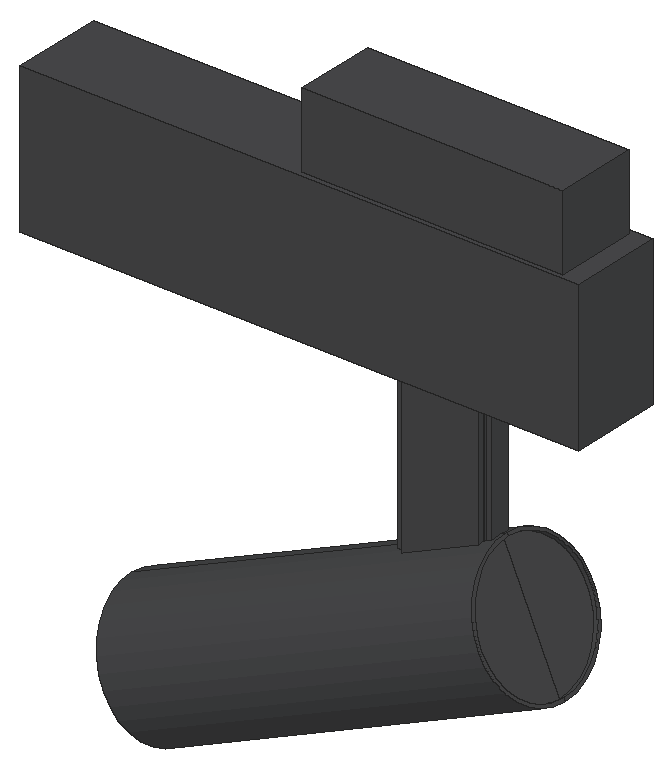
Revit family "DTM15U.1", category Luminarias, Revit 2019
Family settings
  Cota de conector redondo = Diámetro de uso
  Tipo de pieza = Normal
  Se basa en plano de trabajo = Sí
  Siempre vertical = Sí
  Corte con vacíos al cargar = No
  Origen de luz = Sí
  Compartido = No
  Punto de cálculo de habitación = No
Parameters (values of type "SPOT RIEL_DTM15U.1.36")
  Ángulo de inclinación = 60.00°
  Ángulo de enfoque = 36.00°
  Ángulo de campo de foco = 36.00°
  Zone [instance] = ""
  Watt per fixture = 13.8
  Wattage = 13.8 W
  built-in parameter 1150107 = 2700 (stored number, unit not read)
  built-in parameter 1150110 = 1 (stored number, unit not read)
  built-in parameter 1150109 = 1 (stored number, unit not read)
  built-in parameter 1150112 = 1 (stored number, unit not read)
  built-in parameter 1150113 = 1 (stored number, unit not read)
  built-in parameter 1114218 = 1 (stored number, unit not read)
  Keynote = ""
  built-in parameter 1150137 = (empty or 0)
  built-in parameter 1150132 = (empty or 0)
  Modelo = "DTM15U.1.36"
  Lámpara = "CITIZEN"
  Light Source Symbol Length = 3048 mm
  built-in parameter 1150105 = 433.41 (stored number, unit not read)
  built-in parameter 1150102 = (empty or 0)
  built-in parameter 1150106 = 4.3341 (stored number, unit not read)
  Lumens = 1021.2 lm
  Color Filter = 16777215
  built-in parameter 1114217 = 1 (stored number, unit not read)
  built-in parameter 1150139 = (empty or 0)
  Fabricante = "BRILLANT"
  Default Elevation = 1219.2 mm
  built-in parameter 1150104 = 6.8748 (stored number, unit not read)
  Descripción = "LUMINARIA DIRIGIBLE TIPO PUNTUAL DE UN CABEZAL COMPATIBLE CON RIEL DE 6 ENTRADAS Y 3 CIRCUITOS, CUERPO DE ALUMINIO ACABADO EN COLOR NEGRO, IP 20, PESO 0.84Kg, TIPO DE LED CITIZEN CON 13.8W TOTAL, 1024 LUMENES, 74LM/W, IRC 90, TEMPERATURA EN BLANCO CALIDO 2700K, 50 MIL HORAS DE VIDA PROMEDIO, APERTURA DE 36 GRADOS POR PROYECTO, ALIMENTADO A 90-277V/50-60Hz"
  built-in parameter 1150115 = 1 (stored number, unit not read)
  built-in parameter 1150114 = 1 (stored number, unit not read)
  Comentarios de vataje = "90-277V"
  built-in parameter 1150138 = (empty or 0)
  built-in parameter 1150134 = (empty or 0)
  Circuit [instance] = ""
  Dimming Lamp Color Temperature Shift = (empty or 0)
  Longitud de símbolo de origen de luz = 3048 mm
Types (3, lengths in mm): name | Ángulo de enfoque | Ángulo de campo de foco | Modelo | Descripción
  SPOT RIEL_DTM15U.1.24 | 24.00° | 24.00° | "DTM15U.1.24" | "LUMINARIA DIRIGIBLE TIPO PUNTUAL DE UN CABEZAL COMPATIBLE CON RIEL DE 6 ENTRADAS Y 3 CIRCUITOS, CUERPO DE ALUMINIO ACABADO EN COLOR NEGRO, IP 20, PESO 0.84Kg, TIPO DE LED CITIZEN CON 13.8W TOTAL, 1024 LUMENES, 74LM/W, IRC 90, TEMPERATURA EN BLANCO CALIDO 2700K, 50 MIL HORAS DE VIDA PROMEDIO, APERTURA DE 24 GRADOS EN STOCK, ALIMENTADO A 90-277V/50-60Hz"
  SPOT RIEL_DTM15U.1.16 | 16.00° | 16.00° | "DTM15U.1.16" | "LUMINARIA DIRIGIBLE TIPO PUNTUAL DE UN CABEZAL COMPATIBLE CON RIEL DE 6 ENTRADAS Y 3 CIRCUITOS, CUERPO DE ALUMINIO ACABADO EN COLOR NEGRO, IP 20, PESO 0.84Kg, TIPO DE LED CITIZEN CON 13.8W TOTAL, 1024 LUMENES, 74LM/W, IRC 90, TEMPERATURA EN BLANCO CALIDO 2700K, 50 MIL HORAS DE VIDA PROMEDIO, APERTURA DE 16 GRADOS POR PROYECTO, ALIMENTADO A 90-277V/50-60Hz"
  SPOT RIEL_DTM15U.1.36 | 36.00° | 36.00° | "DTM15U.1.36" | "LUMINARIA DIRIGIBLE TIPO PUNTUAL DE UN CABEZAL COMPATIBLE CON RIEL DE 6 ENTRADAS Y 3 CIRCUITOS, CUERPO DE ALUMINIO ACABADO EN COLOR NEGRO, IP 20, PESO 0.84Kg, TIPO DE LED CITIZEN CON 13.8W TOTAL, 1024 LUMENES, 74LM/W, IRC 90, TEMPERATURA EN BLANCO CALIDO 2700K, 50 MIL HORAS DE VIDA PROMEDIO, APERTURA DE 36 GRADOS POR PROYECTO, ALIMENTADO A 90-277V/50-60Hz"
Reference planes
  plane 1 "Centro (Frontal/Posterior)": y = 0
  plane 2: z = 0
  plane 3 "Centro (Izquierda/Derecha)": x = 0
Forms (mm)
  Extrusion 1, solid, material "Default Form"
    sketch origin (0, 0, 0) x (1, 0, 0) y (0, 0, 1)
      loop
        line (-120.5, 0) -> (-120.5, -64) -> (120.5, -64) -> (120.5, 0) -> (-120.5, 0)
    from -20 to 20
  Extrusion 2, solid
    sketch origin (0, 0, 0) x (0, 1, 0) y (0, 0, 1)
      loop
        line (-7.273, 1.74) -> (7.273, 1.74) -> (7.273, 0) -> (15.231, 0) -> (17.006, 4.494) -> (15.021, 4.494) -> (14.058, 5.868) -> (14.058, 7.166) -> (6.473, 7.166) -> (6.473, 9.324) -> (10.169, 10.163) -> (10.169, 12.464) -> (6.473, 13.302) -> (6.473, 16.66) -> (10.169, 17.499) -> (10.169, 19.8) -> (6.473, 20.638) -> (6.473, 25.016) -> (13.839, 25.016) -> (14.514, 24.341) -> (15.775, 24.341) -> (15.775, 27.171) -> (14.73, 27.171) -> (14.058, 26.499) -> (6.473, 26.499) -> (6.473, 27.299) -> (12.377, 27.299) -> (12.377, 31.471) -> (-2.744, 31.471) -> (-2.744, 30.671) -> (-5.514, 30.671) -> (-5.514, 31.471) -> (-12.377, 31.471) -> (-12.377, 27.299) -> (-6.473, 27.299) -> (-6.473, 26.499) -> (-14.058, 26.499) -> (-14.73, 27.171) -> (-15.775, 27.171) -> (-15.775, 24.341) -> (-14.514, 24.341) -> (-13.839, 25.016) -> (-6.473, 25.016) -> (-6.473, 20.638) -> (-10.169, 19.8) -> (-10.169, 17.499) -> (-6.473, 16.66) -> (-6.473, 13.302) -> (-10.169, 12.464) -> (-10.169, 10.163) -> (-6.473, 9.324) -> (-6.473, 7.166) -> (-14.058, 7.166) -> (-14.058, 5.868) -> (-15.021, 4.494) -> (-17.006, 4.494) -> (-15.231, 0) -> (-7.273, 0) -> (-7.273, 1.74)
    from 0 to 111.256
  Revolve 3, solid, material "Default Form"
    sketch origin (-53.809, 0, -47.247) x (0.913545, 0, 0.406737) y (-0.406737, 0, 0.913545)
      loop
        line (-90.696, -178.651) -> (-90.696, -181.199) -> (86.304, -181.199) -> (86.304, -179.827) -> (84.235, -179.827) -> (84.235, -150.199) -> (-76.941, -150.199) -> (-76.941, -178.651) -> (-90.696, -178.651)
      axis (86.304, -150.199) -> (-90.696, -150.199)
    angle from 0 to 360
  Extrusion 4, solid, material "Default Form"
    sketch origin (-2.5, 0, 0) x (1, 0, 0) y (0, 1, 0)
      loop
        line (36.186, 6.873) -> (36.186, 4.211) -> (35.401, 4.211) -> (35.401, 2.934) -> (34.55, 2.934) -> (34.55, 4.211) -> (32.462, 4.211) -> (32.462, -4.55) -> (34.55, -4.55) -> (34.55, -3.273) -> (35.401, -3.273) -> (35.401, -4.55) -> (36.186, -4.55) -> (36.186, -6.873) -> (69.522, -6.873) -> (69.522, -4.55) -> (70.306, -4.55) -> (70.306, -3.273) -> (71.158, -3.273) -> (71.158, -4.55) -> (73.245, -4.55) -> (73.245, 4.211) -> (71.158, 4.211) -> (71.158, 2.934) -> (70.306, 2.934) -> (70.306, 4.211) -> (69.522, 4.211) -> (69.522, 6.873) -> (36.186, 6.873)
    from -140.263 to -64
  Extrusion 5, solid, material "Default Form"
    sketch origin (0, 0, 0) x (1, 0, 0) y (0, 1, 0)
      loop
        line (111.256, 17.006) -> (0, 17.006) -> (0, -17.006) -> (111.256, -17.006) -> (111.256, 17.006)
      loop
        line (112.056, 17.806) -> (-0.8, 17.806) -> (-0.8, -17.806) -> (112.056, -17.806) -> (112.056, 17.806)
    from 0 to 31.471
  Extrusion 6, solid, material "Default Form"
    sketch origin (0, 0, 0) x (1, 0, 0) y (0, 1, 0)
      loop
        line (-0.8, 17.806) -> (-0.8, -17.806) -> (112.056, -17.806) -> (112.056, 17.806) -> (-0.8, 17.806)
    from 31.471 to 32.429
Cuts and joins
  joined: Extrusion 5, Extrusion 6
Dimensions and locks
  equal spacing: Extrusion 1, plane 1 "Centro (Frontal/Posterior)", Extrusion 1
  Extrusion 1 to plane 1 "Centro (Frontal/Posterior)" = 20 mm
  Extrusion 1 to Extrusion 1 = 40 mm
  Extrusion 1 to Extrusion 1 = 64 mm
  aligned and locked: level to plane 2
Automatic sketch dimensions
  Extrusion 1 sketch curve to level = 0 mm
  Extrusion 1 sketch curve to plane 3 "Centro (Izquierda/Derecha)" = 120.5 mm
  plane 3 "Centro (Izquierda/Derecha)" to Extrusion 1 sketch curve = 120.5 mm
  Extrusion 1 sketch curve to level = 64 mm
  Extrusion 2 sketch curve to Extrusion 2 sketch curve = 1.231 mm
  Extrusion 2 sketch curve to Extrusion 2 sketch curve = 1.775 mm
  Extrusion 2 sketch curve to Extrusion 2 sketch curve = 1.985 mm  (x2)
  Extrusion 2 sketch curve to Extrusion 2 sketch curve = 1.045 mm
  Extrusion 2 sketch curve to Extrusion 2 sketch curve = 1.261 mm  (x2)
  Extrusion 2 sketch curve to Extrusion 2 sketch curve = 0.963 mm  (x2)
  Extrusion 2 sketch curve to Extrusion 2 sketch curve = 0.672 mm  (x4)
  Extrusion 2 sketch curve to Extrusion 2 sketch curve = 0.675 mm  (x2)
  Extrusion 2 sketch curve to Extrusion 2 sketch curve = 1.682 mm
  Extrusion 2 sketch curve to Extrusion 2 sketch curve = 3.89 mm  (x2)
  Extrusion 2 sketch curve to Extrusion 2 sketch curve = 0 mm  (x4)
  Extrusion 2 sketch curve to Extrusion 2 sketch curve = 7.958 mm
  Extrusion 2 sketch curve to Extrusion 2 sketch curve = 5.904 mm  (x2)
  Extrusion 2 sketch curve to Extrusion 2 sketch curve = 3.696 mm  (x5)
  Extrusion 2 sketch curve to Extrusion 2 sketch curve = 0.959 mm
  Extrusion 2 sketch curve to Extrusion 2 sketch curve = 2.77 mm
  Extrusion 2 sketch curve to Extrusion 2 sketch curve = 12.946 mm
  level to Extrusion 2 sketch curve = 9.324 mm
  Extrusion 2 sketch curve to Extrusion 2 sketch curve = 0.8 mm  (x4)
  level to Extrusion 2 sketch curve = 10.163 mm
  Extrusion 2 sketch curve to Extrusion 2 sketch curve = 1.462 mm
  Extrusion 2 sketch curve to Extrusion 2 sketch curve = 0.22 mm
  level to Extrusion 2 sketch curve = 5.868 mm
  Extrusion 2 sketch curve to level = 0 mm  (x2)
  Extrusion 2 sketch curve to Extrusion 2 sketch curve = 0.21 mm
  level to Extrusion 2 sketch curve = 4.494 mm
  Extrusion 2 sketch curve to Extrusion 2 sketch curve = 4.494 mm
  Extrusion 2 sketch curve to Extrusion 2 sketch curve = 1.375 mm
  Extrusion 2 sketch curve to Extrusion 2 sketch curve = 1.298 mm  (x2)
  Extrusion 2 sketch curve to Extrusion 2 sketch curve = 2.158 mm
  Extrusion 2 sketch curve to Extrusion 2 sketch curve = 0.839 mm  (x7)
  Extrusion 2 sketch curve to Extrusion 2 sketch curve = 2.301 mm  (x4)
  Extrusion 2 sketch curve to Extrusion 2 sketch curve = 3.358 mm  (x2)
  Extrusion 2 sketch curve to Extrusion 2 sketch curve = 4.541 mm  (x2)
  Extrusion 2 sketch curve to Extrusion 2 sketch curve = 4.378 mm  (x2)
  Extrusion 2 sketch curve to Extrusion 2 sketch curve = 1.483 mm  (x2)
  Extrusion 2 sketch curve to Extrusion 2 sketch curve = 3.372 mm
  Extrusion 2 sketch curve to Extrusion 2 sketch curve = 4.172 mm
  Extrusion 2 sketch curve to Extrusion 2 sketch curve = 1.74 mm
  plane 1 "Centro (Frontal/Posterior)" to Extrusion 2 sketch curve = 17.006 mm
  Revolve 3 sketch curve to plane 3 "Centro (Izquierda/Derecha)" = 62.963 mm
  Revolve 3 sketch curve to level = 249.67 mm
  Revolve 3 sketch curve to Revolve 3 sketch curve = 13.755 mm
  Revolve 3 sketch curve to Revolve 3 sketch curve = 161.175 mm
  Revolve 3 sketch curve to Revolve 3 sketch curve = 2.069 mm
  Revolve 3 sketch curve to Revolve 3 sketch curve = 1.372 mm
  Revolve 3 sketch curve to Revolve 3 sketch curve = 2.548 mm
  Revolve 3 sketch curve to Revolve 3 sketch curve = 29.628 mm
  Revolve 3 sketch curve to Revolve 3 sketch curve = 23.825 mm
  Revolve 3 sketch curve to Revolve 3 sketch curve = 0 mm  (x2)
  Extrusion 5 sketch curve to plane 3 "Centro (Izquierda/Derecha)" = 0 mm
  plane 1 "Centro (Frontal/Posterior)" to Extrusion 5 sketch curve = 17.006 mm
  plane 3 "Centro (Izquierda/Derecha)" to Extrusion 5 sketch curve = 111.256 mm
  Extrusion 5 sketch curve to plane 1 "Centro (Frontal/Posterior)" = 17.006 mm
  Extrusion 5 sketch curve to Extrusion 5 sketch curve = 0.8 mm  (x3)
  Extrusion 5 sketch curve to plane 3 "Centro (Izquierda/Derecha)" = 0.8 mm
  Extrusion 6 sketch curve to plane 3 "Centro (Izquierda/Derecha)" = 0.8 mm
  plane 1 "Centro (Frontal/Posterior)" to Extrusion 6 sketch curve = 17.806 mm
  plane 3 "Centro (Izquierda/Derecha)" to Extrusion 6 sketch curve = 112.056 mm
  Extrusion 6 sketch curve to plane 1 "Centro (Frontal/Posterior)" = 17.806 mm
  plane 1 "Centro (Frontal/Posterior)" to Extrusion 4 sketch curve = 4.55 mm
  plane 3 "Centro (Izquierda/Derecha)" to Extrusion 4 sketch curve = 29.962 mm
  Extrusion 4 sketch curve to Extrusion 4 sketch curve = 2.088 mm  (x3)
  Extrusion 4 sketch curve to Extrusion 4 sketch curve = 0.851 mm  (x4)
  Extrusion 4 sketch curve to Extrusion 4 sketch curve = 0.785 mm  (x4)
  Extrusion 4 sketch curve to plane 1 "Centro (Frontal/Posterior)" = 4.211 mm
  Extrusion 4 sketch curve to Extrusion 4 sketch curve = 33.336 mm
  Extrusion 4 sketch curve to Extrusion 4 sketch curve = 0 mm  (x5)
  plane 1 "Centro (Frontal/Posterior)" to Extrusion 4 sketch curve = 6.873 mm
  Extrusion 4 sketch curve to Extrusion 4 sketch curve = 2.323 mm
  Extrusion 4 sketch curve to Extrusion 4 sketch curve = 1.277 mm  (x4)
  Extrusion 4 sketch curve to plane 1 "Centro (Frontal/Posterior)" = 2.934 mm
  Extrusion 4 sketch curve to Extrusion 4 sketch curve = 2.662 mm
